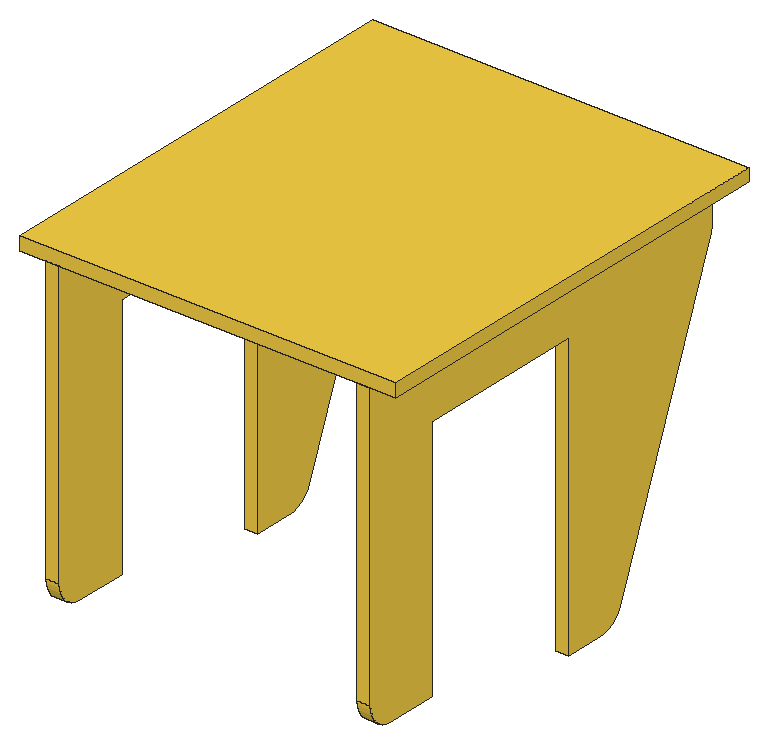
Revit family "ORMA_TOP TIE BRACKET 65_1900929", category Generic Models, Revit 2018
Family settings
  Can host rebar = No
  Round Connector Dimension = Use Diameter
  Part Type = Normal
  OmniClass Number = 35.51.14.00
  OmniClass Title = FORMWORK
  Work Plane-Based = Yes
  Always vertical = No
  Cut with Voids When Loaded = No
  Shared = Yes
  Room Calculation Point = No
Parameters
  VERSION = "20170217"  # constant formula
  URL = "www.ulmaconstruction.com/en"
  UNICLASS = ""
  Manufacturer = "ULMA CONSTRUCTION"  # constant formula
  ITEM_CODE = "1900929"
  FILTER [instance] = ""
  Default Elevation = 0.000 mm
  CLASSIFICATION_TITLE = ""
  CLASSIFICATION_NUMBER = ""
Reference planes
  plane 1 "Centro (Frontal/Posterior)": y = 0
  plane 2: z = 0
  plane 3 "Centro (Izquierda/Derecha)": x = 0
Forms (mm)
  Extrusion 1, solid, material "ULMA YELLOW", detail levels fine
    sketch origin (0, 0, 0) x (0, 1, 0) y (0, 0, 1)
      loop
        line (-96, 25) -> (-96, -85)
        arc (-96, -85) -> (-93.071, -92.071) -> (-86, -95) r 10
        line (-86, -95) -> (-66, -95) -> (-66, 0) -> (0, 0) -> (0, -110) -> (15, -110)
        arc (15, -110) -> (20.606, -108.281) -> (24.285, -103.714) r 10
        line (24.285, -103.714) -> (68.285, 6.286)
        arc (68.285, 6.286) -> (68.82, 8.109) -> (69, 10) r 10
        line (69, 10) -> (69, 25) -> (-96, 25)
    from 57.5 to 62.5
  Extrusion 2, solid, material "ULMA YELLOW"
    sketch origin (0, 0, 0) x (0, 1, 0) y (0, 0, 1)
      loop
        line (-96, 30) -> (-96, 25) -> (74, 25) -> (74, 30) -> (-96, 30)
    from -72.5 to 72.5
  Extrusion 3, solid, material "ULMA YELLOW", detail levels fine
    sketch origin (-120, 0, 0) x (0, 1, 0) y (0, 0, 1)
      loop
        line (-96, 25) -> (-96, -85)
        arc (-96, -85) -> (-93.071, -92.071) -> (-86, -95) r 10
        line (-86, -95) -> (-66, -95) -> (-66, 0) -> (0, 0) -> (0, -110) -> (15, -110)
        arc (15, -110) -> (20.606, -108.281) -> (24.285, -103.714) r 10
        line (24.285, -103.714) -> (68.285, 6.286)
        arc (68.285, 6.286) -> (68.82, 8.109) -> (69, 10) r 10
        line (69, 10) -> (69, 25) -> (-96, 25)
    from 57.5 to 62.5
  Extrusion 4, solid, material "ULMA YELLOW", detail levels coarse+medium
    sketch origin (0, 0, 0) x (1, 0, 0) y (0, 0, 1)
      loop
        line (62.5, 25) -> (57.5, 25) -> (57.5, 0) -> (62.5, 0) -> (62.5, 25)
      loop
        line (-57.5, 25) -> (-62.5, 25) -> (-62.5, 0) -> (-57.5, 0) -> (-57.5, 25)
    from -69 to 96
Lines and regions (mm)
  model lines, style "ULMA ANCHOR", detail levels fine
    curve 1: circle (-17.5, 24, 30) r 12.5 normal (0, 0, 1)
    curve 2: circle (12.5, 9, 30) r 12.5 normal (0, 0, 1)
    curve 3: circle (-17.5, 24, 25) r 12.5 normal (0, 0, 1)
    curve 4: circle (12.5, 9, 25) r 12.5 normal (0, 0, 1)
Dimensions and locks
  aligned and locked: level to plane 2
